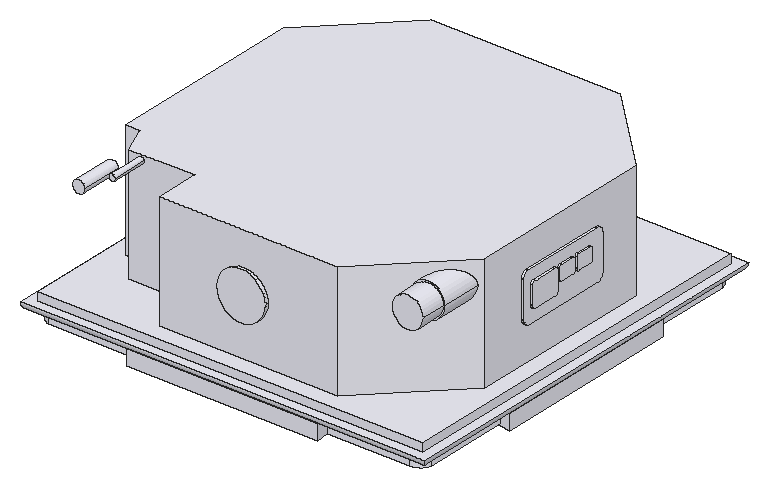
Revit family
Parameters (values of type "PLFY-P12NBMU-E")
  Wireless Sensor [instance] = yes
  Width = 37 7/16"  # constant formula
  Unit Weight (LBS) = "49"
  URL = ""
  Subcategory = "HVAC"
  Standard Air Filter = "Polypropylene Honeycomb"  # constant formula
  Specification URL = "http://www.mrslim.com/customerCare/resources.asp"
  Sound Pressure Levels (dB(A)) = "27-28-29-31"
  SmartBIM Object Version = 3  # constant formula
  SmartBIM Object Created BY = "Reed Construction Data"  # constant formula
  Refirigerant Pipe diameter (Gas) = 1/2"
  Refirigerant Pipe diameter (Liquid) = 1/4"
  Power Source = "208/230, 1, 60"
  Power Consumption Heating = "0.02 kW"
  Power Consumption Cooling = "0.03 kW"
  NBMU = NBMU_Unit_Mitsubishi : PLFY-P12NBMU-E
  Manufacturer URL = "http://www.mrslim.com/customerCare/resources.asp"
  Manufacturer = "Mitsubishi Electric"  # constant formula
  Installation URL = "http://www.mrslim.com/customerCare/resources.asp"
  Flared Connection 2 = "1/2\""
  Flared Connection 1 = "1/4\""
  Sensor = yes
  Description = "Ceiling Recessed Units"  # constant formula
  Default Elevation = 48"
  Cut Out Hole Dia = 3 15/16"
  Auto Vane Air Outlet Width = 2 1/4"
  Auto Vane Air Outlet Length = 15"
  Air Inlet Width = 24"
  Air Inlet Height = 26"
  95 CSI = "15760"  # constant formula
  04 CSI = "23 82 19"  # constant formula
  (Option) i-see Sensor Corner Panel = "PAC-SA1ME-E"  # constant formula
  (Option) Wireless Signal Receiver = "PAR-SA9FA-E"  # constant formula
  (Option) Space Panel = "PAC-SH48AS-E"  # constant formula
  (Option) Multi-function Casement = "PAC-SH53TM-E"  # constant formula
  (Option) High-Efficiency Filter (MERV 10) = "AC-SH59KF-E"  # constant formula
  (Option) Flange for Ventilation Air Intake = "PAC-SH65OF-E"  # constant formula
  (Option) Air Outlet Shutter Plate (2 pieces) = "PAC-SH51SP-E"  # constant formula
  Model = "PLFY-P12NBMU-E"
  Grille Net Weight = "13 lbs. / 6 kg"  # constant formula
  MCA = "0.64"
  MOCP = "15"  # constant formula
  Height = 12 3/8"  # constant formula
  Heating Capacity (BTU) = "13500"
  Grille Material = Grille
  General FEATURES-10 = "i-see sensor option uses infrared rays to search for hot\r\nand cold spots"  # constant formula
  General FEATURES-09 = "Multiple sizes up to 36,000 Btu/h"  # constant formula
  General FEATURES-08 = "Outside air capability"  # constant formula
  General FEATURES-07 = "Built-in condensate lift mechanism; lifts to 33-1/2 in."  # constant formula
  General FEATURES-06 = "Corner-pocket design for simplified installation"  # constant formula
  General FEATURES-05 = "Four-speed fan settings and auto fan speed adjustment mode"  # constant formula
  General FEATURES-04 = "Auto wave airflow in heating mode—unit independently\r\ncycles through horizontal and vertical positions for more\r\neven heat distribution"  # constant formula
  General FEATURES-03 = "Customizable wide airflow pattern enables better air\r\ndistribution—direction of each vane can be adjusted to fit\r\nroom layout through Deluxe MA or ME controllers"  # constant formula
  General FEATURES-02 = "Lightweight, low-profile compact design"  # constant formula
  General FEATURES-01 = "R410A or R22 refrigerant-compatible"  # constant formula
  Fan Type*Quantity = "Turbo Fan x 1"  # constant formula
  Fan Motor Type = "DC Motor"  # constant formula
  Fan Motor Output = "0.050 kW"  # constant formula
  Fan capacity (CFM) = "388-424-459-494"
  Emergency Drain Radius = 2 1/8"
  Drain Pipe Radius = 1 1/4"
  Drain Pipe Outer Radius = Drain Pipe Radius + 1/8"  # 1 3/8"
  Drain Material = Drain
  Depth = 37 7/16"  # constant formula
  D = 2 117/128"
  Cut Out Hole Radius = Cut Out Hole Dia / 2  # 1 31/32"
  Current Heating = "0.14 A"
  Current Cooling = "0.22 A"
  Heating Indoor = "70°F (21°C) DB, Outdoor 47°F (8°C) DB / 43°F (6°C) WB"
  Cooling Indoor = "80°F (27°C) DB / 67°F (19°C) WB, Outdoor 95°F (35°C) DB"
  Cooling Capacity (BTU) = "12000"
  C = 3 19/128"
  Assembly Code = "D3050200"
  Air Intake Grille = Grille White
Types (6): name | Unit Weight (LBS) | Sound Pressure Levels (dB(A)) | Refirigerant Pipe diameter (Gas) | Refirigerant Pipe diameter (Liquid) | Power Consumption Heating | Power Consumption Cooling | NBMU | Flared Connection 2 | Flared Connection 1 | Model | MCA | Heating Capacity (BTU) | Fan capacity (CFM) | D | Current Heating | Current Cooling | Cooling Capacity (BTU) | C
  PLFY-P12NBMU-E | "49" | "27-28-29-31" | 1/2" | 1/4" | "0.02 kW" | "0.03 kW" | NBMU_Unit_Mitsubishi : PLFY-P12NBMU-E | "1/2\"" | "1/4\"" | "PLFY-P12NBMU-E" | "0.64" | "13500" | "388-424-459-494" | 2 117/128" | "0.14 A" | "0.22 A" | "12000" | 3 19/128"
  PLFY-P15NBMU-E | "49" | "27-28-30-31" | 1/2" | 1/4" | "0.03 kW" | "0.04 kW" | NBMU_Unit_Mitsubishi : PLFY-P15NBMU-E | "1/2\"" | "1/4\"" | "PLFY-P15NBMU-E" | "0.64" | "17000" | "424-459-494-565" | 2 117/128" | "0.22 A" | "0.29 A" | "15000" | 3 19/128"
  PLFY-P18NBMU-E | "51" | "28-29-30-32" | 1/2" | 1/4" | "0.04 kW" | "0.05 kW" | NBMU_Unit_Mitsubishi : PLFY-P18NBMU-E | "1/2\"" | "1/4\"" | "PLFY-P18NBMU-E" | "0.64" | "20000" | "494-530-565-636" | 2 117/128" | "0.29 A" | "0.36 A" | "18000" | 3 19/128"
  PLFY-P24NBMU-E | "51" | "28-30-32-34" | 5/8" | 3/8" | "0.05 kW" | "0.06 kW" | NBMU_Unit_Mitsubishi : PLFY-P24NBMU-E | "5/8\"" | "3/8\"" | "PLFY-P24NBMU-E" | "0.64" | "27000" | "530-565-636-706" | 2 117/128" | "0.36 A" | "0.43 A" | "24000" | 3 19/128"
  PLFY-P30NBMU-E | "51" | "30-32-35-37" | 5/8" | 3/8" | "0.06 kW" | "0.07 kW" | NBMU_Unit_Mitsubishi : PLFY-P30NBMU-E | "5/8\"" | "3/8\"" | "PLFY-P30NBMU-E" | "0.64" | "34000" | "565-636-706-777" | 2 117/128" | "0.43 A" | "0.51 A" | "30000" | 3 19/128"
  PLFY-P36NBMU-E | "60" | "35-38-41-43" | 5/8" | 3/8" | "0.015 kW" | "0.016 kW" | NBMU_Unit_Mitsubishi : PLFY-P36NBMU-E | "5/8\"" | "3/8\"" | "PLFY-P36NBMU-E" | "1.25" | "40000" | "777-883-989-1059" | 3 1/32" | "1.00 A" | "1.07 A" | "36000" | 3 89/256"
Reference planes (in)
  plane 1 "Center (Front/Back)": y = 0
  plane 2: z = 0
  plane 3 "Center (Left/Right)": x = 10
  plane 4: y = 18.71875
  plane 5: y = -18.71875
  plane 6: x = -8.71875
  plane 7: x = 28.71875
  plane 8: z = 12.375
  plane 9: z = 5.58398
  plane 10: z = 5.42188
Forms (in)
  Extrusion 1, solid, material "Grille" <- "Grille Material"
    sketch origin (24.34375, -7.70587, -2) x (0, 1, 0) y (0, 0, 1)
      loop
        line (11.20587, 9.58398) -> (4.20587, 9.58398)
        arc (4.20587, 9.58398) -> (3.85232, 9.43754) -> (3.70587, 9.08398) r 0.5
        line (3.70587, 9.08398) -> (3.70587, 6.08398)
        arc (3.70587, 6.08398) -> (3.85232, 5.73043) -> (4.20587, 5.58398) r 0.5
        line (4.20587, 5.58398) -> (11.20587, 5.58398)
        arc (11.20587, 5.58398) -> (11.55942, 5.73043) -> (11.70587, 6.08398) r 0.5
        line (11.70587, 6.08398) -> (11.70587, 9.08398)
        arc (11.70587, 9.08398) -> (11.55942, 9.43754) -> (11.20587, 9.58398) r 0.5
    from 0 to 0.25
  Extrusion 2, solid, material "Grille" <- "Grille Material"
    sketch origin (24.59375, -7.70587, -2) x (0, 1, 0) y (0, 0, 1)
      loop
        arc (4.56798, 8.72441) -> (4.3912, 8.65118) -> (4.31798, 8.47441) r 0.25
        line (4.31798, 8.47441) -> (4.31798, 6.97441)
        arc (4.31798, 6.97441) -> (4.3912, 6.79763) -> (4.56798, 6.72441) r 0.25
        line (4.56798, 6.72441) -> (6.56798, 6.72441)
        arc (6.56798, 6.72441) -> (6.74475, 6.79763) -> (6.81798, 6.97441) r 0.25
        line (6.81798, 6.97441) -> (6.81798, 8.47441)
        arc (6.81798, 8.47441) -> (6.74475, 8.65118) -> (6.56798, 8.72441) r 0.25
        line (6.56798, 8.72441) -> (4.56798, 8.72441)
    from 0 to 0.25
  Extrusion 3, solid, material "Grille" <- "Grille Material"
    sketch origin (24.59375, -4.95587, -2) x (0, 1, 0) y (0, 0, 1)
      loop
        arc (4.4944, 8.69393) -> (4.3912, 8.65118) -> (4.34845, 8.54799) r 0.14594
        line (4.34845, 8.54799) -> (4.34845, 7.67232)
        arc (4.34845, 7.67232) -> (4.3912, 7.56912) -> (4.4944, 7.52637) r 0.14594
        line (4.4944, 7.52637) -> (5.66195, 7.52637)
        arc (5.66195, 7.52637) -> (5.76515, 7.56912) -> (5.8079, 7.67232) r 0.14594
        line (5.8079, 7.67232) -> (5.8079, 8.54799)
        arc (5.8079, 8.54799) -> (5.76515, 8.65118) -> (5.66195, 8.69393) r 0.14594
        line (5.66195, 8.69393) -> (4.4944, 8.69393)
      loop
        arc (6.2444, 8.69393) -> (6.1412, 8.65118) -> (6.09845, 8.54799) r 0.14594
        line (6.09845, 8.54799) -> (6.09845, 7.67232)
        arc (6.09845, 7.67232) -> (6.1412, 7.56912) -> (6.2444, 7.52637) r 0.14594
        line (6.2444, 7.52637) -> (7.41195, 7.52637)
        arc (7.41195, 7.52637) -> (7.51515, 7.56912) -> (7.5579, 7.67232) r 0.14594
        line (7.5579, 7.67232) -> (7.5579, 8.54799)
        arc (7.5579, 8.54799) -> (7.51515, 8.65118) -> (7.41195, 8.69393) r 0.14594
        line (7.41195, 8.69393) -> (6.2444, 8.69393)
    from 0 to 0.25
  Extrusion 4, solid, material "Grille" <- "Grille Material"
    sketch origin (22.65625, -11.35938, 9.53516) x (-1, 0, 0) y (0, 0, -1)
      loop
        circle (0, 1.37891) r 1.25391
    from 0 to 2.04688
  Extrusion 5, solid, material "Grille" <- "Grille Material"
    sketch origin (3.16531, -14.34375, -2.16211) x (1, 0, 0) y (0, 0, 1)
      loop
        circle (6.83469, 7.58398) r 1.96875
    from 0 to 0.25
  Extrusion 6, solid, material "Grille" <- "Grille Material"
    sketch origin (-9.21263, -10.7826, 46.625) x (1, 0, 0) y (0, 0, 1)
      loop
        circle (7.99388, -36.90625) r 0.25
    from 0 to 2.91406
  Extrusion 7, solid, material "Grille" <- "Grille Material"
    sketch origin (-9.21263, -10.7826, 46.625) x (1, 0, 0) y (0, 0, 1)
      loop
        circle (5.61888, -38.21875) r 0.5
    from 0 to 3.34766
Dimensions and locks (in)
  equal spacing: plane 5, plane 1 "Center (Front/Back)", plane 4
  "Depth": plane 5 to plane 4
  equal spacing: plane 6, plane 3 "Center (Left/Right)", plane 7
  "Width": plane 6 to plane 7
  "Height": plane 8 to level
  equal spacing: Extrusion 1 sketch curve, plane 9, Extrusion 1 sketch curve
  locked: Extrusion 1 sketch curve to Extrusion 1 sketch curve at 4
  Extrusion 1 sketch curve to Extrusion 1 sketch curve = 8"
  locked: Extrusion 1 sketch curve to Extrusion 1 sketch curve at 8
  locked: Extrusion 5 to Extrusion 5 at 0.25
  locked: plane 8 to Extrusion 7 sketch curve at 3.96875
  locked: plane 8 to Extrusion 6 sketch curve at 2.40625
  "Cut Out Hole Radius": radius of Extrusion 5 sketch curve
  "Refirigerant Pipe diameter (Liquid)": radius of Extrusion 6 sketch curve
  "Refirigerant Pipe diameter (Gas)": radius of Extrusion 7 sketch curve
  aligned and locked: plane 3 "Center (Left/Right)" to nested 1
  aligned and locked: plane 1 "Center (Front/Back)" to nested 1
  aligned and locked: level to nested 1
  aligned and locked: Extrusion 4 sketch curve to nested 1  (x2)
  aligned and locked: Extrusion 4 to nested 1  (x2)
  aligned and locked: plane 10 to Extrusion 5 sketch curve
Automatic sketch dimensions
  Extrusion 1 sketch curve to plane 9 = 1 1/2"
  plane 1 "Center (Front/Back)" to Extrusion 1 sketch curve = 4"
  Extrusion 1 sketch curve to Extrusion 1 sketch curve = 1/2"  (x3)
  Extrusion 2 sketch curve to Extrusion 1 = 0.6121"
  Extrusion 2 sketch curve to Extrusion 2 sketch curve = 1/4"  (x3)
  Extrusion 2 sketch curve to Extrusion 1 = 0.85958"
  Extrusion 2 sketch curve to Extrusion 2 sketch curve = 2"
  Extrusion 2 sketch curve to Extrusion 2 sketch curve = 0"
  Extrusion 2 sketch curve to Extrusion 1 = 1.39042"
  Extrusion 3 sketch curve to Extrusion 1 = 1.036"
  Extrusion 3 sketch curve to Extrusion 1 = 3.39258"
  Extrusion 3 sketch curve to Extrusion 3 sketch curve = 0.14594"  (x6)
  Extrusion 3 sketch curve to Extrusion 3 sketch curve = 1.16756"  (x2)
  Extrusion 3 sketch curve to Extrusion 3 sketch curve = 0"  (x3)
  Extrusion 3 sketch curve to Extrusion 3 sketch curve = 0.29055"
  Extrusion 3 sketch curve to Extrusion 3 sketch curve = 0.87567"  (x2)
  Extrusion 5 sketch curve to plane 3 "Center (Left/Right)" = 0"
  plane 6 to Extrusion 6 sketch curve = 7 1/2"
  plane 6 to Extrusion 7 sketch curve = 5 1/8"
Nested families (in)
  nested 1: "NBMU_Unit_Mitsubishi" at (0, 0, -1.375), type <- "NBMU", type "PLFY-P12NBMU-E"
    with Wireless Sensor yes
Connectors (in)
  electrical at (24.84375, -2.1379, 5.72441)
    settings: on Extrusion 2, index 1
  hvac at (10, 0, -1.1875), driven by "Air Inlet Height", driven by "Air Inlet Width"
    settings: on nested 1, index 2
  piping at (22.65625, -13.40625, 8.15625), driven by "Drain Pipe Radius"
    settings: on Extrusion 4, index 3
  hvac at (10, -14.59375, 5.42188), driven by "Cut Out Hole Radius"
    settings: on Extrusion 5, index 4
  piping at (-1.21875, -13.69666, 9.71875), driven by "Refirigerant Pipe diameter (Liquid)"
    settings: on Extrusion 6, index 5
  piping at (-3.59375, -14.13026, 8.40625), driven by "Refirigerant Pipe diameter (Gas)"
    settings: on Extrusion 7, index 6
  hvac at (-5.42187, 0.0013, -1.625), driven by "Auto Vane Air Outlet Width", driven by "Auto Vane Air Outlet Length"
    settings: on nested 1, index 7
  hvac at (10.0013, -15.42188, -1.625), driven by "Auto Vane Air Outlet Length", driven by "Auto Vane Air Outlet Width"
    settings: on nested 1, index 8
  hvac at (25.42188, -0.0013, -1.625), driven by "Auto Vane Air Outlet Width", driven by "Auto Vane Air Outlet Length"
    settings: on nested 1, index 9
  hvac at (9.9987, 15.42187, -1.625), driven by "Auto Vane Air Outlet Length", driven by "Auto Vane Air Outlet Width"
    settings: on nested 1, index 10
Definition of nested family "NBMU_Unit_Mitsubishi"
  Parameters (values of type "PLFY-P36NBMU-E")
    Wireless Sensor [instance] = yes
    Width = 33"  # constant formula
    Unit Weight (LBS) = "60"
    URL = ""
    Subcategory = "HVAC"
    Standard Air Filter = "Polypropylene Honeycomb"  # constant formula
    Specification URL = "http://www.mrslim.com/customerCare/resources.asp"
    Sound Pressure Levels (dB(A)) = "35-38-41-43"
    SmartBIM Object Version = 3  # constant formula
    SmartBIM Object Created BY = "Reed Construction Data"  # constant formula
    Refirigerant Pipe diameter (Gas) = 5/8"
    Refirigerant Pipe diameter (Liquid) = 3/8"
    Power Source = "208/230, 1, 60"
    Power Consumption Heating = "0.02 kW"
    Power Consumption Cooling = "0.03 kW"
    Manufacturer URL = "http://www.mrslim.com/customerCare/resources.asp"
    Manufacturer = "Mitsubishi Electric"  # constant formula
    Installation URL = "http://www.mrslim.com/customerCare/resources.asp"
    Flared Connection 2 = "5/8\""
    Flared Connection 1 = "3/8\""
    Sensor = yes
    Description = "Ceiling Recessed Units"  # constant formula
    Default Elevation = 48"
    Cut Out Hole Dia = 5 29/32"
    Auto Vane Air Outlet Width = 2 21/128"
    Auto Vane Air Outlet Length = 11 109/128"
    Air Inlet Width = 23 159/256"
    Air Inlet Height = 25 63/64"
    95 CSI = "15760"  # constant formula
    04 CSI = "23 82 19"  # constant formula
    (Option) i-see Sensor Corner Panel = "PAC-SA1ME-E"  # constant formula
    (Option) Wireless Signal Receiver = "PAR-SA9FA-E"  # constant formula
    (Option) Space Panel = "PAC-SH48AS-E"  # constant formula
    (Option) Multi-function Casement = "PAC-SH53TM-E"  # constant formula
    (Option) High-Efficiency Filter (MERV 10) = "AC-SH59KF-E"  # constant formula
    (Option) Flange for Ventilation Air Intake = "PAC-SH65OF-E"  # constant formula
    (Option) Air Outlet Shutter Plate (2 pieces) = "PAC-SH51SP-E"  # constant formula
    Model = "PLFY-P36NBMU-E"
    Grille Net Weight = "13 lbs. / 6 kg"  # constant formula
    MCA = "1.25"
    MOCP = "15"  # constant formula
    Height = 11 187/256"
    Heating Capacity (BTU) = "4000"
    Grille Material = Grille
    General FEATURES-10 = "i-see sensor option uses infrared rays to search for hot\r\nand cold spots"  # constant formula
    General FEATURES-09 = "Multiple sizes up to 36,000 Btu/h"  # constant formula
    General FEATURES-08 = "Outside air capability"  # constant formula
    General FEATURES-07 = "Built-in condensate lift mechanism; lifts to 33-1/2 in."  # constant formula
    General FEATURES-06 = "Corner-pocket design for simplified installation"  # constant formula
    General FEATURES-05 = "Four-speed fan settings and auto fan speed adjustment mode"  # constant formula
    General FEATURES-04 = "Auto wave airflow in heating mode—unit independently\r\ncycles through horizontal and vertical positions for more\r\neven heat distribution"  # constant formula
    General FEATURES-03 = "Customizable wide airflow pattern enables better air\r\ndistribution—direction of each vane can be adjusted to fit\r\nroom layout through Deluxe MA or ME controllers"  # constant formula
    General FEATURES-02 = "Lightweight, low-profile compact design"  # constant formula
    General FEATURES-01 = "R410A or R22 refrigerant-compatible"  # constant formula
    Fan Type*Quantity = "Turbo Fan x 1"  # constant formula
    Fan Motor Type = "DC Motor"  # constant formula
    Fan Motor Output = "0.050 kW"  # constant formula
    Fan capacity (CFM) = "777-883-989-1059"
    Emergency Drain Radius = 2 1/8"
    Drain Pipe Radius = 1 65/256"
    Drain Pipe Outer Radius = Drain Pipe Radius + 1/8"  # 1 97/256"
    Drain Material = Drain
    Depth = 33"  # constant formula
    D = 3 1/32"
    Cut Out Hole Radius = Cut Out Hole Dia / 2  # 2 61/64"
    Current Heating = "0.14 A"
    Current Cooling = "0.28 A"
    Heating Indoor = "70°F (21°C) DB, Outdoor 47°F (8°C) DB / 43°F (6°C) WB"
    Cooling Indoor = "80°F (27°C) DB / 67°F (19°C) WB, Outdoor 95°F (35°C) DB"
    Cooling Capacity (BTU) = "36000"
    C = 3 89/256"
    Assembly Code = ""
    Air Intake Grille = Grille White
  Types (6): name | Unit Weight (LBS) | Sound Pressure Levels (dB(A)) | Refirigerant Pipe diameter (Gas) | Refirigerant Pipe diameter (Liquid) | Flared Connection 2 | Flared Connection 1 | Model | MCA | Height | Heating Capacity (BTU) | Fan capacity (CFM) | D | Cooling Capacity (BTU) | C
    PLFY-P12NBMU-E | "37" | "27-28-29-31" | 1/2" | 1/4" | "1/2\"" | "1/4\"" | "PLFY-P12NBMU-E" | "0.64" | 10 5/32" | "13500" | "388-424-459-494" | 2 117/128" | "12000" | 3 19/128"
    PLFY-P15NBMU-E | "49" | "27-28-30-31" | 1/2" | 1/4" | "1/2\"" | "1/4\"" | "PLFY-P15NBMU-E" | "0.64" | 10 5/32" | "17000" | "424-459-494-565" | 2 117/128" | "15000" | 3 19/128"
    PLFY-P18NBMU-E | "51" | "28-29-30-32" | 1/2" | 1/4" | "1/2\"" | "1/4\"" | "PLFY-P18NBMU-E" | "0.64" | 10 5/32" | "20000" | "494-530-565-636" | 2 117/128" | "18000" | 3 19/128"
    PLFY-P24NBMU-E | "51" | "28-30-32-34" | 5/8" | 3/8" | "5/8\"" | "3/8\"" | "PLFY-P24NBMU-E" | "0.64" | 10 5/32" | "27000" | "530-565-636-706" | 2 117/128" | "24000" | 3 19/128"
    PLFY-P30NBMU-E | "51" | "30-32-35-37" | 5/8" | 3/8" | "5/8\"" | "3/8\"" | "PLFY-P30NBMU-E" | "0.64" | 10 5/32" | "34000" | "565-636-706-777" | 2 117/128" | "30000" | 3 19/128"
    PLFY-P36NBMU-E | "60" | "35-38-41-43" | 5/8" | 3/8" | "5/8\"" | "3/8\"" | "PLFY-P36NBMU-E" | "1.25" | 11 187/256" | "4000" | "777-883-989-1059" | 3 1/32" | "36000" | 3 89/256"
  Reference planes (in)
    plane 1 "Center (Front/Back)": y = 0
    plane 2: z = 0
    plane 3 "Center (Left/Right)": x = 10
    plane 4: y = 16.5
    plane 5: y = -16.5
    plane 6: x = -6.5
    plane 7: x = 26.5
    plane 8: z = 1.375
    plane 9: y = 9.5
    plane 10: z = 2.0625
    plane 11: z = 13.10547
    plane 12: x = 14.84375
    plane 13: z = 9.53125
    plane 14: y = -13.40625
    plane 15: y = -10.7826
    plane 16: y = -14.13026
    plane 17: x = 19.49902
    plane 18 "AA": x = 0.5
    plane 19: y = 7.46949
    plane 20: y = -2.86295
    plane 21: y = -11.70117
    plane 22: y = 11.70117
  Forms (in)
    Sweep 1, solid, material "Grille" <- "Grille Material"
      path origin (0, 0, 0) x (1, 0, 0) y (0, 1, 0)
        loop
          line (-6.5, 16.5) -> (-6.5, -16.5) -> (26.5, -16.5) -> (26.5, 16.5) -> (-6.5, 16.5)
      profile origin (10, 16.5, 0) x (0, 1, 0) y (0, 0, 1)
        loop
          line (-0.00011, 1.375) -> (-7, 1.375) -> (-7, 0.1875) -> (-3.46598, 0.1875)
          arc (-3.46598, 0.1875) -> (-2.57726, 0.31343) -> (-1.69194, 0.46132) r 36.2445
          arc (-1.69194, 0.46132) -> (-1.17589, 0.66824) -> (-0.62439, 0.73872) r 2.19285
          arc (-0.62439, 0.73872) -> (-0.1787, 0.92583) -> (-0.00011, 1.375) r 0.62439
    Extrusion 2, solid, material "Grille" <- "Grille Material"
      sketch origin (0, 0, 0) x (1, 0, 0) y (0, 1, 0)
        loop
          line (2.29413, 14.34375) -> (-4.34375, 7.70587) -> (-4.34375, -8.48134) -> (-3.16849, -8.48134) -> (-2.19167, -10.7826) -> (3.16531, -10.7826) -> (3.16531, -14.34375) -> (17.70587, -14.34375) -> (24.34375, -7.70587) -> (24.34375, 7.70587) -> (17.70587, 14.34375) -> (2.29413, 14.34375)
      from 2.0625 to 13.10547
    Extrusion 3, solid, material "Grille" <- "Grille Material"
      sketch origin (0, 0, 0) x (1, 0, 0) y (0, 1, 0)
        loop
          line (25.71875, 15.71875) -> (-5.71875, 15.71875) -> (-5.71875, -15.71875) -> (25.71875, -15.71875) -> (25.71875, 15.71875)
      from 1.375 to 2.0625
    Extrusion 4, solid, material "Grille" <- "Grille Material"
      sketch origin (0, 0, 0) x (1, 0, 0) y (0, 0, 1)
        loop
          circle (22.65625, 9.53125) r 1.25391
      from 13.40625 to 11.35938
    Extrusion 5, solid, material "Grille" <- "Grille Material"
      sketch origin (19.52714, -7.02735, 48) x (0, 0, 1) y (-1, 0, 0)
        loop
          circle (-38.46875, -3.12911) r 1.37891
      from 0 to 4.33202
    Extrusion 6, solid, material "Grille" <- "Grille Material"
      sketch origin (0, 0, 0) x (1, 0, 0) y (0, 1, 0)
        loop
          line (21.48023, 11.24387) -> (-1.48023, 11.24387) -> (-1.48023, -12.37722) -> (21.48023, -12.37722) -> (21.48023, 11.24387)
      from 1 to 2.0625
    Extrusion 7, solid, material "Grille" <- "Grille Material"
      sketch origin (0, 0, 0) x (1, 0, 0) y (0, 1, 0)
        loop
          line (2.51854, 14.34375) -> (17.47886, 14.34375) -> (17.7819, 16.5) -> (2.2155, 16.5) -> (2.51854, 14.34375)
      from -0.25 to 1
    Extrusion 8, solid, material "Grille" <- "Grille Material"
      sketch origin (10, -10, 0) x (0, 1, 0) y (-1, 0, 0)
        loop
          line (2.51854, -14.34375) -> (2.2155, -16.5) -> (17.7819, -16.5) -> (17.47886, -14.34375) -> (2.51854, -14.34375)
      from -0.25 to 1
    Extrusion 9, solid, material "Grille" <- "Grille Material"
      sketch origin (20, 0, 0) x (-1, 0, 0) y (0, -1, 0)
        loop
          line (2.51854, 14.54297) -> (17.47886, 14.54297) -> (17.7819, 16.5) -> (2.2155, 16.5) -> (2.51854, 14.54297)
      from -0.25 to 1
    Extrusion 10, solid, material "Grille" <- "Grille Material"
      sketch origin (10, 10, 0) x (0, -1, 0) y (1, 0, 0)
        loop
          line (2.51854, -14.34375) -> (2.2155, -16.5) -> (17.7819, -16.5) -> (17.47886, -14.34375) -> (2.51854, -14.34375)
      from -0.25 to 1
  Cuts and joins
    joined: Extrusion 2, Extrusion 5
    joined: Extrusion 3, Extrusion 6
    joined: Sweep 1, Extrusion 7, Extrusion 8, Extrusion 9, Extrusion 10
  Dimensions and locks (in)
    equal spacing: plane 5, plane 1 "Center (Front/Back)", plane 4
    "Depth": plane 5 to plane 4
    equal spacing: plane 6, plane 3 "Center (Left/Right)", plane 7
    "Width": plane 6 to plane 7
    locked: plane 8 to plane 2 at 1.375
    locked: plane 4 to plane 9 at 7
    locked: Sweep 1 sketch curve to level at 0.1875
    plane 6 to nested 1 = 5 29/256"
    plane 4 to nested 1 = 5 29/256"
    locked: plane 5 to nested 3 at 5.14063
    nested 3 to plane 7 = 5.11449"
    locked: plane 6 to nested 2 at 5.14285
    locked: plane 5 to nested 2 at 5.14163
    locked: plane 4 to Extrusion 2 sketch curve at 2.15625
    locked: plane 5 to Extrusion 2 sketch curve at 2.15625
    locked: plane 6 to Extrusion 2 sketch curve at 2.15625
    locked: Extrusion 2 sketch curve to plane 7 at 2.15625
    locked: plane 6 to Extrusion 2 sketch curve at 8.79413
    locked: plane 4 to Extrusion 2 sketch curve at 8.79413  (x2)
    locked: Extrusion 2 sketch curve to plane 7 at 8.79413  (x2)
    locked: plane 5 to Extrusion 2 sketch curve at 8.79413
    plane 6 to Extrusion 2 sketch curve to Extrusion 2 sketch curve to Extrusion 2 sketch curve = 3.33151" locked, 0.97683" locked, 5.35698" locked
    plane 5 to Extrusion 2 sketch curve to Extrusion 2 sketch curve = 5.7174" locked, 2.30126" locked
    locked: Extrusion 3 sketch curve to plane 7 at 0.78125
    locked: plane 6 to Extrusion 3 sketch curve at 0.78125
    locked: plane 4 to Extrusion 3 sketch curve at 0.78125
    locked: plane 5 to Extrusion 3 sketch curve at 0.78125
    locked: plane 10 to plane 8 at 0.6875
    "Height": plane 11 to plane 8
    locked: plane 13 to plane 10 at 7.46875
    locked: plane 5 to plane 14 at 3.09375
    "Drain Pipe Outer Radius": Extrusion 5 sketch curve to Extrusion 5 sketch curve
    locked: Extrusion 5 sketch curve to plane 10 at 7.46875
    locked: plane 5 to plane 15 at 5.7174
    "C": plane 15 to plane 16
    locked: Extrusion 5 sketch curve to plane 7 at 3.84375
    locked: Extrusion 4 sketch curve to plane 7 at 3.84375
    "Air Inlet Width": Extrusion 6 sketch curve to Extrusion 6 sketch curve
    locked: nested 4 to plane 7 at 0.78125
    locked: plane 6 to plane 18 "AA" at 7
    locked: plane 17 to plane 7 at 7.00098
    locked: plane 4 to plane 19 at 9.03051
    plane 20 to plane 5 = 13.63705"
    locked: Extrusion 7 sketch curve to nested 1 at 0.24757
    locked: Extrusion 7 sketch curve to nested 4 at 0.24757
    "Drain Pipe Radius": radius of Extrusion 4 sketch curve
    aligned and locked: Sweep 1 sketch curve to plane 4
    aligned and locked: plane 8 to Sweep 1 sketch curve
    aligned and locked: Sweep 1 sketch curve to plane 6
    aligned and locked: plane 7 to Sweep 1 sketch curve
    aligned and locked: plane 5 to Sweep 1 sketch curve
    aligned and locked: plane 9 to Sweep 1 sketch curve
    aligned and locked: level to nested 1
    aligned and locked: nested 2 to level
    aligned and locked: plane 8 to Extrusion 3
    aligned and locked: Extrusion 3 to plane 10
    aligned and locked: plane 10 to Extrusion 2
    aligned and locked: plane 11 to Extrusion 2
    aligned and locked: plane 13 to Extrusion 4 sketch curve
    aligned and locked: nested 3 to Extrusion 4
    aligned and locked: Extrusion 4 to plane 14
    aligned and locked: nested 3 to Extrusion 5  (x2)
    aligned and locked: nested 1 to nested 4
    aligned and locked: nested 4 to nested 3
    aligned and locked: Extrusion 6 to nested 1
    aligned and locked: Extrusion 3 to Extrusion 6
    aligned and locked: cut or joined group of Extrusion 3, Extrusion 6 to nested 4
    aligned and locked: cut or joined group of Extrusion 3, Extrusion 6 to nested 1
    aligned and locked: Extrusion 7 sketch curve to plane 4
    aligned and locked: cut or joined group of Extrusion 2, Extrusion 5 to Extrusion 7 sketch curve
    aligned and locked: nested 1 to Extrusion 7
  Automatic sketch dimensions
    Sweep 1 sketch curve to plane 9 = 1.10608"
    profile plane to Sweep 1 sketch curve = 3.46598"
    level to Sweep 1 sketch curve = 0.46132"
    profile plane to Sweep 1 sketch curve = 1.69194"
    profile plane to Sweep 1 sketch curve = 0.62439"
    profile plane to Sweep 1 sketch curve = 0.00011"
    Sweep 1 sketch curve to level = 1.45413"
    Sweep 1 sketch curve to Sweep 1 sketch curve = 0"
    plane 22 to Extrusion 6 sketch curve = 0.4573"
    plane 18 "AA" to Extrusion 6 sketch curve = 1.98023"
    Extrusion 6 sketch curve to plane 17 = 1.9812"
    Extrusion 8 sketch curve to plane 7 = 0"
    Extrusion 8 sketch curve to plane 15 = 2.9981"
    Extrusion 8 sketch curve to Extrusion 8 sketch curve = 0.30304"
    plane 19 to Extrusion 8 sketch curve = 0.00937"
    plane 19 to Extrusion 8 sketch curve = 0.31241"
    plane 7 to Extrusion 8 sketch curve = 2 5/32"
    Extrusion 9 sketch curve to plane 5 = 0"
    plane 17 to Extrusion 9 sketch curve = 1.71452"
    Extrusion 9 sketch curve to plane 16 = 0.41271"
    Extrusion 9 sketch curve to Extrusion 9 sketch curve = 0.30304"
    Extrusion 9 sketch curve to plane 18 "AA" = 2.02114"
    Extrusion 9 sketch curve to plane 18 "AA" = 1.7181"
    Extrusion 10 sketch curve to plane 6 = 0"
    plane 19 to Extrusion 10 sketch curve = 0.31501"
    plane 19 to Extrusion 10 sketch curve = 0.01197"
    Extrusion 10 sketch curve to plane 15 = 3.30374"
    Extrusion 10 sketch curve to Extrusion 10 sketch curve = 0.30304"
    plane 6 to Extrusion 10 sketch curve = 2 5/32"
  Nested families (in)
    nested 1: "Corner Pockets" at (-1.38673, 11.38673, 0), type "Corner Pockets"
    nested 2: "Corner Pockets" at (-1.35715, -11.35837, 0), type "Corner Pockets"
    nested 3: "Corner Pockets" at (21.38551, -11.35938, 0) x (0, 1, 0) z (0, 0, 1), type "Corner Pockets"
    nested 4: "Corner Pocket-Drain" at (21.38551, 11.38673, 0) x (0, -1, 0) z (0, 0, 1), type "Corner Pocket-Drain"
  Definition of nested family "Corner Pockets"
    Parameters
      Material = Grille
    Reference planes (in)
      plane 1 "Center (Front/Back)": y = 0
      plane 2: z = 0
      plane 3 "Center (Left/Right)": x = 0
      plane 4: z = 1
      plane 5: y = 4.33324
      plane 6: y = -4.33324
      plane 7: x = -4.33202
      plane 8: x = 4.33202
    Forms (in)
      Extrusion 1, solid, material "Grille" <- "Material"
        sketch origin (0, 0, 0) x (1, 0, 0) y (0, 1, 0)
          loop
            line (3.46185, 4.33324) -> (-3.45378, 4.33324)
            arc (-3.45378, 4.33324) -> (-4.08338, 3.96974) -> (-4.33202, 3.28659) r 1.0628
            line (-4.33202, 3.28659) -> (-4.33202, -3.46341) -> (1.85715, -4.33324) -> (4.33202, -1.85837) -> (3.46185, 4.33324)
        from 0 to 1
    Dimensions and locks (in)
      locked: plane 4 to level at 1
      aligned and locked: Extrusion 1 to level
      aligned and locked: plane 4 to Extrusion 1
      aligned and locked: plane 5 to Extrusion 1
      aligned and locked: plane 6 to Extrusion 1
      aligned and locked: plane 7 to Extrusion 1
      aligned and locked: plane 8 to Extrusion 1
  Definition of nested family "Corner Pocket-Drain"
    Parameters (values of type "Corner Pocket-Drain")
      dIA = 2 1/8"
      Material = Grille
      Drain Material = Drain
      Corner = yes
      Assembly Code = ""
    Reference planes (in)
      plane 1 "Center (Front/Back)": y = 0
      plane 2: z = 0
      plane 3 "Center (Left/Right)": x = 0
      plane 4: z = 1
      plane 5: y = 4.33324
      plane 6: y = -4.33324
      plane 7: x = -4.33202
      plane 8: x = 4.33202
      plane 9: x = 0.83202
    Forms (in)
      Extrusion 1, solid, material "Grille" <- "Material"
        sketch origin (0, 0, 0) x (1, 0, 0) y (0, 1, 0)
          loop
            line (3.46185, 4.33324) -> (-3.45378, 4.33324)
            arc (-3.45378, 4.33324) -> (-4.08338, 3.96974) -> (-4.33202, 3.28659) r 1.0628
            line (-4.33202, 3.28659) -> (-4.33202, -3.46341) -> (1.85715, -4.33324) -> (4.33202, -1.85837) -> (3.46185, 4.33324)
        from 0 to 1
    Dimensions and locks (in)
      locked: plane 4 to level at 1
      aligned and locked: Extrusion 1 to level
      aligned and locked: plane 4 to Extrusion 1
      aligned and locked: plane 5 to Extrusion 1
      aligned and locked: plane 6 to Extrusion 1
      aligned and locked: plane 7 to Extrusion 1
      aligned and locked: plane 8 to Extrusion 1
